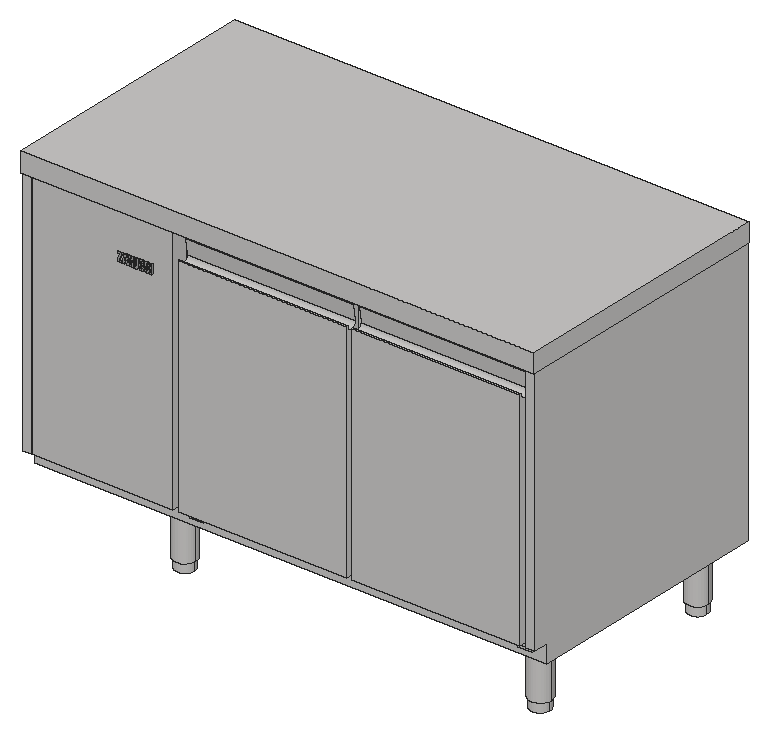
Revit family "QF_ZANUSSI_111067_ZH2KBAA", category Specialty Equipment, Revit 2018 (continued)
Definition of nested family "ZAN_Cooling Unit"
  Lines and regions (mm)
    Split face 130
      outline origin (110.032, 2, -113.091) x (0, 0, 1) y (-1, 0, 0)
        loop
          line (510.649, 116.535) -> (510.649, 158.547)
    Split face 131
      outline origin (110.032, 2, -125.094) x (0, 0, 1) y (-1, 0, 0)
        loop
          arc (510.649, 158.547) -> (506.648, 162.548) -> (502.647, 158.547) r 4.001
          line (502.647, 158.547) -> (502.647, 116.535)
          arc (502.647, 116.535) -> (506.648, 112.533) -> (510.649, 116.535) r 4.001
          line (510.649, 116.535) -> (510.649, 158.547)
    Split face 132
      outline origin (110.032, 2, -137.098) x (0, 0, 1) y (-1, 0, 0)
        loop
          arc (510.649, 158.547) -> (506.648, 162.548) -> (502.647, 158.547) r 4.001
          line (502.647, 158.547) -> (502.647, 116.535)
          arc (502.647, 116.535) -> (506.648, 112.533) -> (510.649, 116.535) r 4.001
          line (510.649, 116.535) -> (510.649, 158.547)
    Split face 133
      outline origin (110.032, 2, -149.101) x (0, 0, 1) y (-1, 0, 0)
        loop
          arc (510.649, 158.547) -> (506.648, 162.548) -> (502.647, 158.547) r 4.001
          line (502.647, 158.547) -> (502.647, 116.535)
          arc (502.647, 116.535) -> (506.648, 112.533) -> (510.649, 116.535) r 4.001
          line (510.649, 116.535) -> (510.649, 158.547)
    Split face 134
      outline origin (110.032, 2, -161.105) x (0, 0, 1) y (-1, 0, 0)
        loop
          arc (510.649, 158.547) -> (506.648, 162.548) -> (502.647, 158.547) r 4.001
          line (502.647, 158.547) -> (502.647, 116.535)
          arc (502.647, 116.535) -> (506.648, 112.533) -> (510.649, 116.535) r 4.001
          line (510.649, 116.535) -> (510.649, 158.547)
    Split face 135
      outline origin (110.032, 2, -173.108) x (0, 0, 1) y (-1, 0, 0)
        loop
          arc (510.649, 158.547) -> (506.648, 162.548) -> (502.647, 158.547) r 4.001
          line (502.647, 158.547) -> (502.647, 116.535)
          arc (502.647, 116.535) -> (506.648, 112.533) -> (510.649, 116.535) r 4.001
          line (510.649, 116.535) -> (510.649, 158.547)
    Split face 136
      outline origin (110.032, 2, -185.112) x (0, 0, 1) y (-1, 0, 0)
        loop
          arc (510.649, 158.547) -> (506.648, 162.548) -> (502.647, 158.547) r 4.001
          line (502.647, 158.547) -> (502.647, 116.535)
          arc (502.647, 116.535) -> (506.648, 112.533) -> (510.649, 116.535) r 4.001
          line (510.649, 116.535) -> (510.649, 158.547)
    Split face 137
      outline origin (110.032, 2, -197.115) x (0, 0, 1) y (-1, 0, 0)
        loop
          arc (510.649, 158.547) -> (506.648, 162.548) -> (502.647, 158.547) r 4.001
          line (502.647, 158.547) -> (502.647, 116.535)
          arc (502.647, 116.535) -> (506.648, 112.533) -> (510.649, 116.535) r 4.001
          line (510.649, 116.535) -> (510.649, 158.547)
    Split face 138
      outline origin (110.032, 2, -209.119) x (0, 0, 1) y (-1, 0, 0)
        loop
          arc (510.649, 158.547) -> (506.648, 162.548) -> (502.647, 158.547) r 4.001
          line (502.647, 158.547) -> (502.647, 116.535)
          arc (502.647, 116.535) -> (506.648, 112.533) -> (510.649, 116.535) r 4.001
          line (510.649, 116.535) -> (510.649, 158.547)
    Split face 139
      outline origin (110.032, 2, -221.122) x (0, 0, 1) y (-1, 0, 0)
        loop
          arc (510.649, 158.547) -> (506.648, 162.548) -> (502.647, 158.547) r 4.001
          line (502.647, 158.547) -> (502.647, 116.535)
          arc (502.647, 116.535) -> (506.648, 112.533) -> (510.649, 116.535) r 4.001
          line (510.649, 116.535) -> (510.649, 158.547)
    Split face 140
      outline origin (110.032, 2, -233.126) x (0, 0, 1) y (-1, 0, 0)
        loop
          arc (510.649, 158.547) -> (506.648, 162.548) -> (502.647, 158.547) r 4.001
          line (502.647, 158.547) -> (502.647, 116.535)
          arc (502.647, 116.535) -> (506.648, 112.533) -> (510.649, 116.535) r 4.001
          line (510.649, 116.535) -> (510.649, 158.547)
    Split face 141
      outline origin (110.032, 2, -245.129) x (0, 0, 1) y (-1, 0, 0)
        loop
          arc (510.649, 158.547) -> (506.648, 162.548) -> (502.647, 158.547) r 4.001
          line (502.647, 158.547) -> (502.647, 116.535)
          arc (502.647, 116.535) -> (506.648, 112.533) -> (510.649, 116.535) r 4.001
          line (510.649, 116.535) -> (510.649, 158.547)
    Split face 142
      outline origin (110.032, 2, -257.133) x (0, 0, 1) y (-1, 0, 0)
        loop
          arc (510.649, 158.547) -> (506.648, 162.548) -> (502.647, 158.547) r 4.001
          line (502.647, 158.547) -> (502.647, 116.535)
          arc (502.647, 116.535) -> (506.648, 112.533) -> (510.649, 116.535) r 4.001
          line (510.649, 116.535) -> (510.649, 158.547)
    Split face 143
      outline origin (110.032, 2, -269.136) x (0, 0, 1) y (-1, 0, 0)
        loop
          arc (510.649, 158.547) -> (506.648, 162.548) -> (502.647, 158.547) r 4.001
          line (502.647, 158.547) -> (502.647, 116.535)
          arc (502.647, 116.535) -> (506.648, 112.533) -> (510.649, 116.535) r 4.001
          line (510.649, 116.535) -> (510.649, 158.547)
    Split face 144
      outline origin (110.032, 2, -281.14) x (0, 0, 1) y (-1, 0, 0)
        loop
          arc (510.649, 158.547) -> (506.648, 162.548) -> (502.647, 158.547) r 4.001
          line (502.647, 158.547) -> (502.647, 116.535)
          arc (502.647, 116.535) -> (506.648, 112.533) -> (510.649, 116.535) r 4.001
          line (510.649, 116.535) -> (510.649, 158.547)
    Split face 145
      outline origin (110.032, 2, -293.144) x (0, 0, 1) y (-1, 0, 0)
        loop
          arc (510.649, 158.547) -> (506.648, 162.548) -> (502.647, 158.547) r 4.001
          line (502.647, 158.547) -> (502.647, 116.535)
          arc (502.647, 116.535) -> (506.648, 112.533) -> (510.649, 116.535) r 4.001
          line (510.649, 116.535) -> (510.649, 158.547)
    Split face 146
      outline origin (165.048, 2, -113.091) x (0, 0, 1) y (-1, 0, 0)
        loop
          arc (510.649, 158.547) -> (506.648, 162.548) -> (502.647, 158.547) r 4.001
          line (502.647, 158.547) -> (502.647, 116.535)
          arc (502.647, 116.535) -> (506.648, 112.533) -> (510.649, 116.535) r 4.001
          line (510.649, 116.535) -> (510.649, 158.547)
    Split face 147
      outline origin (165.048, 2, -125.094) x (0, 0, 1) y (-1, 0, 0)
        loop
          arc (510.649, 158.547) -> (506.648, 162.548) -> (502.647, 158.547) r 4.001
          line (502.647, 158.547) -> (502.647, 116.535)
          arc (502.647, 116.535) -> (506.648, 112.533) -> (510.649, 116.535) r 4.001
          line (510.649, 116.535) -> (510.649, 158.547)
    Split face 148
      outline origin (165.048, 2, -137.098) x (0, 0, 1) y (-1, 0, 0)
        loop
          arc (510.649, 158.547) -> (506.648, 162.548) -> (502.647, 158.547) r 4.001
          line (502.647, 158.547) -> (502.647, 116.535)
          arc (502.647, 116.535) -> (506.648, 112.533) -> (510.649, 116.535) r 4.001
          line (510.649, 116.535) -> (510.649, 158.547)
    Split face 149
      outline origin (165.048, 2, -149.101) x (0, 0, 1) y (-1, 0, 0)
        loop
          arc (510.649, 158.547) -> (506.648, 162.548) -> (502.647, 158.547) r 4.001
          line (502.647, 158.547) -> (502.647, 116.535)
          arc (502.647, 116.535) -> (506.648, 112.533) -> (510.649, 116.535) r 4.001
          line (510.649, 116.535) -> (510.649, 158.547)
    Split face 150
      outline origin (165.048, 2, -161.105) x (0, 0, 1) y (-1, 0, 0)
        loop
          arc (510.649, 158.547) -> (506.648, 162.548) -> (502.647, 158.547) r 4.001
          line (502.647, 158.547) -> (502.647, 116.535)
          arc (502.647, 116.535) -> (506.648, 112.533) -> (510.649, 116.535) r 4.001
          line (510.649, 116.535) -> (510.649, 158.547)
    Split face 151
      outline origin (165.048, 2, -173.108) x (0, 0, 1) y (-1, 0, 0)
        loop
          arc (510.649, 158.547) -> (506.648, 162.548) -> (502.647, 158.547) r 4.001
          line (502.647, 158.547) -> (502.647, 116.535)
          arc (502.647, 116.535) -> (506.648, 112.533) -> (510.649, 116.535) r 4.001
          line (510.649, 116.535) -> (510.649, 158.547)
    Split face 152
      outline origin (165.048, 2, -185.112) x (0, 0, 1) y (-1, 0, 0)
        loop
          arc (510.649, 158.547) -> (506.648, 162.548) -> (502.647, 158.547) r 4.001
          line (502.647, 158.547) -> (502.647, 116.535)
          arc (502.647, 116.535) -> (506.648, 112.533) -> (510.649, 116.535) r 4.001
          line (510.649, 116.535) -> (510.649, 158.547)
    Split face 153
      outline origin (165.048, 2, -197.115) x (0, 0, 1) y (-1, 0, 0)
        loop
          arc (510.649, 158.547) -> (506.648, 162.548) -> (502.647, 158.547) r 4.001
          line (502.647, 158.547) -> (502.647, 116.535)
          arc (502.647, 116.535) -> (506.648, 112.533) -> (510.649, 116.535) r 4.001
          line (510.649, 116.535) -> (510.649, 158.547)
    Split face 154
      outline origin (165.048, 2, -209.119) x (0, 0, 1) y (-1, 0, 0)
        loop
          arc (510.649, 158.547) -> (506.648, 162.548) -> (502.647, 158.547) r 4.001
          line (502.647, 158.547) -> (502.647, 116.535)
          arc (502.647, 116.535) -> (506.648, 112.533) -> (510.649, 116.535) r 4.001
          line (510.649, 116.535) -> (510.649, 158.547)
    Split face 155
      outline origin (165.048, 2, -221.122) x (0, 0, 1) y (-1, 0, 0)
        loop
          arc (510.649, 158.547) -> (506.648, 162.548) -> (502.647, 158.547) r 4.001
          line (502.647, 158.547) -> (502.647, 116.535)
          arc (502.647, 116.535) -> (506.648, 112.533) -> (510.649, 116.535) r 4.001
          line (510.649, 116.535) -> (510.649, 158.547)
    Split face 156
      outline origin (165.048, 2, -233.126) x (0, 0, 1) y (-1, 0, 0)
        loop
          arc (510.649, 158.547) -> (506.648, 162.548) -> (502.647, 158.547) r 4.001
          line (502.647, 158.547) -> (502.647, 116.535)
          arc (502.647, 116.535) -> (506.648, 112.533) -> (510.649, 116.535) r 4.001
          line (510.649, 116.535) -> (510.649, 158.547)
    Split face 157
      outline origin (165.048, 2, -245.129) x (0, 0, 1) y (-1, 0, 0)
        loop
          arc (510.649, 158.547) -> (506.648, 162.548) -> (502.647, 158.547) r 4.001
          line (502.647, 158.547) -> (502.647, 116.535)
          arc (502.647, 116.535) -> (506.648, 112.533) -> (510.649, 116.535) r 4.001
          line (510.649, 116.535) -> (510.649, 158.547)
    Split face 158
      outline origin (165.048, 2, -257.133) x (0, 0, 1) y (-1, 0, 0)
        loop
          arc (510.649, 158.547) -> (506.648, 162.548) -> (502.647, 158.547) r 4.001
          line (502.647, 158.547) -> (502.647, 116.535)
          arc (502.647, 116.535) -> (506.648, 112.533) -> (510.649, 116.535) r 4.001
          line (510.649, 116.535) -> (510.649, 158.547)
    Split face 159
      outline origin (165.048, 2, -269.136) x (0, 0, 1) y (-1, 0, 0)
        loop
          arc (510.649, 158.547) -> (506.648, 162.548) -> (502.647, 158.547) r 4.001
          line (502.647, 158.547) -> (502.647, 116.535)
          arc (502.647, 116.535) -> (506.648, 112.533) -> (510.649, 116.535) r 4.001
          line (510.649, 116.535) -> (510.649, 158.547)
    Split face 160
      outline origin (165.048, 2, -281.14) x (0, 0, 1) y (-1, 0, 0)
        loop
          arc (510.649, 158.547) -> (506.648, 162.548) -> (502.647, 158.547) r 4.001
          line (502.647, 158.547) -> (502.647, 116.535)
          arc (502.647, 116.535) -> (506.648, 112.533) -> (510.649, 116.535) r 4.001
          line (510.649, 116.535) -> (510.649, 158.547)
    Split face 161
      outline origin (165.048, 2, -293.144) x (0, 0, 1) y (-1, 0, 0)
        loop
          arc (510.649, 158.547) -> (506.648, 162.548) -> (502.647, 158.547) r 4.001
          line (502.647, 158.547) -> (502.647, 116.535)
          arc (502.647, 116.535) -> (506.648, 112.533) -> (510.649, 116.535) r 4.001
          line (510.649, 116.535) -> (510.649, 158.547)
    Split face 162
      outline origin (220.064, 2, -113.091) x (0, 0, 1) y (-1, 0, 0)
        loop
          arc (510.649, 158.547) -> (506.648, 162.548) -> (502.647, 158.547) r 4.001
          line (502.647, 158.547) -> (502.647, 116.535)
          arc (502.647, 116.535) -> (506.648, 112.533) -> (510.649, 116.535) r 4.001
          line (510.649, 116.535) -> (510.649, 158.547)
    Split face 163
      outline origin (220.064, 2, -125.094) x (0, 0, 1) y (-1, 0, 0)
        loop
          arc (510.649, 158.547) -> (506.648, 162.548) -> (502.647, 158.547) r 4.001
          line (502.647, 158.547) -> (502.647, 116.535)
          arc (502.647, 116.535) -> (506.648, 112.533) -> (510.649, 116.535) r 4.001
          line (510.649, 116.535) -> (510.649, 158.547)
    Split face 164
      outline origin (220.064, 2, -137.098) x (0, 0, 1) y (-1, 0, 0)
        loop
          arc (510.649, 158.547) -> (506.648, 162.548) -> (502.647, 158.547) r 4.001
          line (502.647, 158.547) -> (502.647, 116.535)
          arc (502.647, 116.535) -> (506.648, 112.533) -> (510.649, 116.535) r 4.001
          line (510.649, 116.535) -> (510.649, 158.547)
    Split face 165
      outline origin (220.064, 2, -149.101) x (0, 0, 1) y (-1, 0, 0)
        loop
          arc (510.649, 158.547) -> (506.648, 162.548) -> (502.647, 158.547) r 4.001
          line (502.647, 158.547) -> (502.647, 116.535)
          arc (502.647, 116.535) -> (506.648, 112.533) -> (510.649, 116.535) r 4.001
          line (510.649, 116.535) -> (510.649, 158.547)
    Split face 166
      outline origin (220.064, 2, -161.105) x (0, 0, 1) y (-1, 0, 0)
        loop
          arc (510.649, 158.547) -> (506.648, 162.548) -> (502.647, 158.547) r 4.001
          line (502.647, 158.547) -> (502.647, 116.535)
          arc (502.647, 116.535) -> (506.648, 112.533) -> (510.649, 116.535) r 4.001
          line (510.649, 116.535) -> (510.649, 158.547)
    Split face 167
      outline origin (220.064, 2, -173.108) x (0, 0, 1) y (-1, 0, 0)
        loop
          arc (510.649, 158.547) -> (506.648, 162.548) -> (502.647, 158.547) r 4.001
          line (502.647, 158.547) -> (502.647, 116.535)
          arc (502.647, 116.535) -> (506.648, 112.533) -> (510.649, 116.535) r 4.001
          line (510.649, 116.535) -> (510.649, 158.547)
    Split face 168
      outline origin (220.064, 2, -185.112) x (0, 0, 1) y (-1, 0, 0)
        loop
          arc (510.649, 158.547) -> (506.648, 162.548) -> (502.647, 158.547) r 4.001
          line (502.647, 158.547) -> (502.647, 116.535)
          arc (502.647, 116.535) -> (506.648, 112.533) -> (510.649, 116.535) r 4.001
          line (510.649, 116.535) -> (510.649, 158.547)
    Split face 169
      outline origin (220.064, 2, -197.115) x (0, 0, 1) y (-1, 0, 0)
        loop
          arc (510.649, 158.547) -> (506.648, 162.548) -> (502.647, 158.547) r 4.001
          line (502.647, 158.547) -> (502.647, 116.535)
          arc (502.647, 116.535) -> (506.648, 112.533) -> (510.649, 116.535) r 4.001
          line (510.649, 116.535) -> (510.649, 158.547)
    Split face 170
      outline origin (220.064, 2, -209.119) x (0, 0, 1) y (-1, 0, 0)
        loop
          arc (510.649, 158.547) -> (506.648, 162.548) -> (502.647, 158.547) r 4.001
          line (502.647, 158.547) -> (502.647, 116.535)
          arc (502.647, 116.535) -> (506.648, 112.533) -> (510.649, 116.535) r 4.001
          line (510.649, 116.535) -> (510.649, 158.547)
    Split face 171
      outline origin (220.064, 2, -221.122) x (0, 0, 1) y (-1, 0, 0)
        loop
          arc (510.649, 158.547) -> (506.648, 162.548) -> (502.647, 158.547) r 4.001
          line (502.647, 158.547) -> (502.647, 116.535)
          arc (502.647, 116.535) -> (506.648, 112.533) -> (510.649, 116.535) r 4.001
          line (510.649, 116.535) -> (510.649, 158.547)
    Split face 172
      outline origin (220.064, 2, -233.126) x (0, 0, 1) y (-1, 0, 0)
        loop
          arc (510.649, 158.547) -> (506.648, 162.548) -> (502.647, 158.547) r 4.001
          line (502.647, 158.547) -> (502.647, 116.535)
          arc (502.647, 116.535) -> (506.648, 112.533) -> (510.649, 116.535) r 4.001
          line (510.649, 116.535) -> (510.649, 158.547)
    Split face 173
      outline origin (220.064, 2, -245.129) x (0, 0, 1) y (-1, 0, 0)
        loop
          arc (510.649, 158.547) -> (506.648, 162.548) -> (502.647, 158.547) r 4.001
          line (502.647, 158.547) -> (502.647, 116.535)
          arc (502.647, 116.535) -> (506.648, 112.533) -> (510.649, 116.535) r 4.001
          line (510.649, 116.535) -> (510.649, 158.547)
    Split face 174
      outline origin (220.064, 2, -257.133) x (0, 0, 1) y (-1, 0, 0)
        loop
          arc (510.649, 158.547) -> (506.648, 162.548) -> (502.647, 158.547) r 4.001
          line (502.647, 158.547) -> (502.647, 116.535)
          arc (502.647, 116.535) -> (506.648, 112.533) -> (510.649, 116.535) r 4.001
          line (510.649, 116.535) -> (510.649, 158.547)
    Split face 175
      outline origin (220.064, 2, -269.136) x (0, 0, 1) y (-1, 0, 0)
        loop
          arc (510.649, 158.547) -> (506.648, 162.548) -> (502.647, 158.547) r 4.001
          line (502.647, 158.547) -> (502.647, 116.535)
          arc (502.647, 116.535) -> (506.648, 112.533) -> (510.649, 116.535) r 4.001
          line (510.649, 116.535) -> (510.649, 158.547)
    Split face 176
      outline origin (220.064, 2, -281.14) x (0, 0, 1) y (-1, 0, 0)
        loop
          arc (510.649, 158.547) -> (506.648, 162.548) -> (502.647, 158.547) r 4.001
          line (502.647, 158.547) -> (502.647, 116.535)
          arc (502.647, 116.535) -> (506.648, 112.533) -> (510.649, 116.535) r 4.001
          line (510.649, 116.535) -> (510.649, 158.547)
    Split face 177
      outline origin (220.064, 2, -293.144) x (0, 0, 1) y (-1, 0, 0)
        loop
          arc (510.649, 158.547) -> (506.648, 162.548) -> (502.647, 158.547) r 4.001
          line (502.647, 158.547) -> (502.647, 116.535)
          arc (502.647, 116.535) -> (506.648, 112.533) -> (510.649, 116.535) r 4.001
          line (510.649, 116.535) -> (510.649, 158.547)
    Split face 178
      outline origin (275.081, 2, -113.091) x (0, 0, 1) y (-1, 0, 0)
        loop
          arc (510.649, 158.547) -> (506.648, 162.548) -> (502.647, 158.547) r 4.001
          line (502.647, 158.547) -> (502.647, 116.535)
          arc (502.647, 116.535) -> (506.648, 112.533) -> (510.649, 116.535) r 4.001
          line (510.649, 116.535) -> (510.649, 158.547)
    Split face 179
      outline origin (275.081, 2, -125.094) x (0, 0, 1) y (-1, 0, 0)
        loop
          arc (510.649, 158.547) -> (506.648, 162.548) -> (502.647, 158.547) r 4.001
          line (502.647, 158.547) -> (502.647, 116.535)
          arc (502.647, 116.535) -> (506.648, 112.533) -> (510.649, 116.535) r 4.001
          line (510.649, 116.535) -> (510.649, 158.547)
    Split face 180
      outline origin (275.081, 2, -137.098) x (0, 0, 1) y (-1, 0, 0)
        loop
          arc (510.649, 158.547) -> (506.648, 162.548) -> (502.647, 158.547) r 4.001
          line (502.647, 158.547) -> (502.647, 116.535)
          arc (502.647, 116.535) -> (506.648, 112.533) -> (510.649, 116.535) r 4.001
          line (510.649, 116.535) -> (510.649, 158.547)
    Split face 181
      outline origin (275.081, 2, -149.101) x (0, 0, 1) y (-1, 0, 0)
        loop
          arc (510.649, 158.547) -> (506.648, 162.548) -> (502.647, 158.547) r 4.001
          line (502.647, 158.547) -> (502.647, 116.535)
          arc (502.647, 116.535) -> (506.648, 112.533) -> (510.649, 116.535) r 4.001
          line (510.649, 116.535) -> (510.649, 158.547)
    Split face 182
      outline origin (275.081, 2, -161.105) x (0, 0, 1) y (-1, 0, 0)
        loop
          arc (510.649, 158.547) -> (506.648, 162.548) -> (502.647, 158.547) r 4.001
          line (502.647, 158.547) -> (502.647, 116.535)
          arc (502.647, 116.535) -> (506.648, 112.533) -> (510.649, 116.535) r 4.001
          line (510.649, 116.535) -> (510.649, 158.547)
    Split face 183
      outline origin (275.081, 2, -173.108) x (0, 0, 1) y (-1, 0, 0)
        loop
          arc (510.649, 158.547) -> (506.648, 162.548) -> (502.647, 158.547) r 4.001
          line (502.647, 158.547) -> (502.647, 116.535)
          arc (502.647, 116.535) -> (506.648, 112.533) -> (510.649, 116.535) r 4.001
          line (510.649, 116.535) -> (510.649, 158.547)
    Split face 184
      outline origin (275.081, 2, -185.112) x (0, 0, 1) y (-1, 0, 0)
        loop
          arc (510.649, 158.547) -> (506.648, 162.548) -> (502.647, 158.547) r 4.001
          line (502.647, 158.547) -> (502.647, 116.535)
          arc (502.647, 116.535) -> (506.648, 112.533) -> (510.649, 116.535) r 4.001
          line (510.649, 116.535) -> (510.649, 158.547)
    Split face 185
      outline origin (275.081, 2, -197.115) x (0, 0, 1) y (-1, 0, 0)
        loop
          arc (510.649, 158.547) -> (506.648, 162.548) -> (502.647, 158.547) r 4.001
          line (502.647, 158.547) -> (502.647, 116.535)
          arc (502.647, 116.535) -> (506.648, 112.533) -> (510.649, 116.535) r 4.001
          line (510.649, 116.535) -> (510.649, 158.547)
    Split face 186
      outline origin (275.081, 2, -209.119) x (0, 0, 1) y (-1, 0, 0)
        loop
          arc (510.649, 158.547) -> (506.648, 162.548) -> (502.647, 158.547) r 4.001
          line (502.647, 158.547) -> (502.647, 116.535)
          arc (502.647, 116.535) -> (506.648, 112.533) -> (510.649, 116.535) r 4.001
          line (510.649, 116.535) -> (510.649, 158.547)
    Split face 187
      outline origin (275.081, 2, -221.122) x (0, 0, 1) y (-1, 0, 0)
        loop
          arc (510.649, 158.547) -> (506.648, 162.548) -> (502.647, 158.547) r 4.001
          line (502.647, 158.547) -> (502.647, 116.535)
          arc (502.647, 116.535) -> (506.648, 112.533) -> (510.649, 116.535) r 4.001
          line (510.649, 116.535) -> (510.649, 158.547)
    Split face 188
      outline origin (275.081, 2, -233.126) x (0, 0, 1) y (-1, 0, 0)
        loop
          arc (510.649, 158.547) -> (506.648, 162.548) -> (502.647, 158.547) r 4.001
          line (502.647, 158.547) -> (502.647, 116.535)
          arc (502.647, 116.535) -> (506.648, 112.533) -> (510.649, 116.535) r 4.001
          line (510.649, 116.535) -> (510.649, 158.547)
    Split face 189
      outline origin (275.081, 2, -245.129) x (0, 0, 1) y (-1, 0, 0)
        loop
          arc (510.649, 158.547) -> (506.648, 162.548) -> (502.647, 158.547) r 4.001
          line (502.647, 158.547) -> (502.647, 116.535)
          arc (502.647, 116.535) -> (506.648, 112.533) -> (510.649, 116.535) r 4.001
          line (510.649, 116.535) -> (510.649, 158.547)
    Split face 190
      outline origin (275.081, 2, -257.133) x (0, 0, 1) y (-1, 0, 0)
        loop
          arc (510.649, 158.547) -> (506.648, 162.548) -> (502.647, 158.547) r 4.001
          line (502.647, 158.547) -> (502.647, 116.535)
          arc (502.647, 116.535) -> (506.648, 112.533) -> (510.649, 116.535) r 4.001
          line (510.649, 116.535) -> (510.649, 158.547)
    Split face 191
      outline origin (275.081, 2, -269.136) x (0, 0, 1) y (-1, 0, 0)
        loop
          arc (510.649, 158.547) -> (506.648, 162.548) -> (502.647, 158.547) r 4.001
          line (502.647, 158.547) -> (502.647, 116.535)
          arc (502.647, 116.535) -> (506.648, 112.533) -> (510.649, 116.535) r 4.001
          line (510.649, 116.535) -> (510.649, 158.547)
    Split face 192
      outline origin (275.081, 2, -281.14) x (0, 0, 1) y (-1, 0, 0)
        loop
          arc (510.649, 158.547) -> (506.648, 162.548) -> (502.647, 158.547) r 4.001
          line (502.647, 158.547) -> (502.647, 116.535)
          arc (502.647, 116.535) -> (506.648, 112.533) -> (510.649, 116.535) r 4.001
          line (510.649, 116.535) -> (510.649, 158.547)
    Split face 193
      outline origin (275.081, 2, -293.144) x (0, 0, 1) y (-1, 0, 0)
        loop
          arc (510.649, 158.547) -> (506.648, 162.548) -> (502.647, 158.547) r 4.001
          line (502.647, 158.547) -> (502.647, 116.535)
          arc (502.647, 116.535) -> (506.648, 112.533) -> (510.649, 116.535) r 4.001
          line (510.649, 116.535) -> (510.649, 158.547)
    Split face 194
      outline origin (0, 2, 197) x (0, 0, 1) y (-1, 0, 0)
        loop
          spline (566.835, 20.381) -> (564.628, 19.058) -> (561.987, 18.027) -> (558.955, 17.386) -> (555.581, 17.244) -> (551.912, 17.703) -> (547.993, 18.863) -> (543.871, 20.83) -> (539.591, 23.706) -> (535.202, 27.594) -> (530.748, 32.597) -> (526.28, 38.824) -> (521.835, 46.362)
        loop
          spline (521.835, 58.392) -> (525.386, 49.242) -> (529.197, 41.481) -> (533.2, 35.023) -> (537.329, 29.786) -> (541.516, 25.684) -> (545.695, 22.634) -> (549.798, 20.552) -> (553.759, 19.355) -> (557.511, 18.958) -> (560.984, 19.275) -> (564.115, 20.227) -> (566.835, 21.726)
    Split face 195
      outline origin (0, 2, 197) x (0, 0, 1) y (-1, 0, 0)
        loop
          line (555.835, 149.5) -> (532.835, 149.5) -> (532.835, 94.5) -> (555.835, 94.5) -> (555.835, 149.5)
  Dimensions and locks
    aligned and locked: level to plane 2
  Nested families
    nested 1: "ZAN_Logo_S_Grey" at (85, 2, 741.213) x (1, 0, 0) z (0, -1, 0), visible <- "Show Logo", type "ZAN_Logo_S_Grey"
  Definition of nested family "ZAN_Logo_S_Grey"
    Parameters
      Default Elevation = 0 mm
    Reference planes
      plane 1 "Centro (Fronte/Retro)": y = 0
      plane 2: z = 0
      plane 3 "Centro (Sinistra/Destra)": x = 0
    Forms (mm)
      Extrusion 1, solid
        sketch origin (0, 0, 0) x (1, 0, 0) y (0, 1, 0)
          loop
            line (-1219.2, 1219.2) -> (-1219.2, -1219.2) -> (1219.2, -1219.2) -> (1219.2, 1219.2) -> (-1219.2, 1219.2)
        from 0 to -304.8
      Extrusion 2, solid
        sketch origin (17.793, -46.218, 0) x (-1, 0, 0) y (0, -1, 0)
          loop
            spline (-4.176, -58.079) -> (-3.496, -58.328) -> (-2.793, -58.512) -> (-2.075, -58.63) -> (-1.348, -58.682) -> (-0.619, -58.669) -> (0.106, -58.588) -> (0.818, -58.44) -> (1.512, -58.225) -> (2.18, -57.941) -> (2.817, -57.589) -> (3.414, -57.167) -> (3.966, -56.676)
            spline (3.966, -56.676) -> (4.293, -56.162) -> (4.575, -55.61) -> (4.81, -55.026) -> (5, -54.419) -> (5.146, -53.797) -> (5.247, -53.166) -> (5.304, -52.536) -> (5.318, -51.913) -> (5.288, -51.306) -> (5.217, -50.723) -> (5.103, -50.17) -> (4.949, -49.657)
            line (4.949, -49.657) -> (2.702, -46.428) -> (0.316, -44.323)
            spline (0.316, -44.323) -> (0.065, -44.115) -> (-0.195, -43.909) -> (-0.46, -43.704) -> (-0.729, -43.496) -> (-0.997, -43.282) -> (-1.263, -43.059) -> (-1.523, -42.825) -> (-1.774, -42.576) -> (-2.013, -42.309) -> (-2.238, -42.022) -> (-2.445, -41.712) -> (-2.632, -41.375)
            spline (-2.632, -41.375) -> (-2.666, -41.159) -> (-2.697, -40.934) -> (-2.722, -40.701) -> (-2.736, -40.465) -> (-2.736, -40.227) -> (-2.72, -39.989) -> (-2.682, -39.754) -> (-2.621, -39.524) -> (-2.533, -39.302) -> (-2.414, -39.091) -> (-2.261, -38.892) -> (-2.07, -38.708)
            line (-2.07, -38.708) -> (-0.245, -38.567)
            spline (-0.245, -38.567) -> (0.096, -38.8) -> (0.354, -39.074) -> (0.54, -39.381) -> (0.664, -39.716) -> (0.738, -40.073) -> (0.772, -40.445) -> (0.777, -40.825) -> (0.763, -41.208) -> (0.742, -41.588) -> (0.723, -41.957) -> (0.718, -42.309) -> (0.737, -42.638)
            line (0.737, -42.638) -> (5.65, -42.638)
            spline (5.65, -42.638) -> (5.708, -42.042) -> (5.741, -41.448) -> (5.747, -40.857) -> (5.723, -40.273) -> (5.668, -39.696) -> (5.58, -39.129) -> (5.457, -38.574) -> (5.297, -38.032) -> (5.098, -37.506) -> (4.857, -36.997) -> (4.574, -36.508) -> (4.247, -36.041)
            spline (4.247, -36.041) -> (3.844, -35.675) -> (3.409, -35.35) -> (2.946, -35.065) -> (2.458, -34.819) -> (1.949, -34.612) -> (1.421, -34.444) -> (0.88, -34.314) -> (0.326, -34.221) -> (-0.234, -34.165) -> (-0.8, -34.146) -> (-1.366, -34.163) -> (-1.93, -34.216)
            spline (-1.93, -34.216) -> (-2.526, -34.309) -> (-3.116, -34.448) -> (-3.695, -34.633) -> (-4.259, -34.861) -> (-4.801, -35.131) -> (-5.316, -35.444) -> (-5.799, -35.798) -> (-6.245, -36.191) -> (-6.648, -36.624) -> (-7.002, -37.095) -> (-7.303, -37.603) -> (-7.545, -38.146)
            spline (-7.545, -38.146) -> (-7.694, -38.815) -> (-7.792, -39.487) -> (-7.839, -40.158) -> (-7.836, -40.824) -> (-7.785, -41.482) -> (-7.685, -42.129) -> (-7.539, -42.762) -> (-7.347, -43.377) -> (-7.111, -43.97) -> (-6.83, -44.538) -> (-6.506, -45.078) -> (-6.141, -45.586)
            line (-6.141, -45.586) -> (-0.526, -50.64) -> (0.176, -51.482)
            spline (0.176, -51.482) -> (0.248, -51.66) -> (0.323, -51.843) -> (0.397, -52.03) -> (0.467, -52.22) -> (0.529, -52.412) -> (0.579, -52.605) -> (0.615, -52.798) -> (0.633, -52.989) -> (0.63, -53.179) -> (0.601, -53.366) -> (0.545, -53.55) -> (0.456, -53.728)
            spline (0.456, -53.728) -> (0.375, -53.892) -> (0.273, -54.034) -> (0.154, -54.155) -> (0.02, -54.258) -> (-0.126, -54.343) -> (-0.28, -54.412) -> (-0.441, -54.466) -> (-0.604, -54.508) -> (-0.767, -54.537) -> (-0.928, -54.556) -> (-1.082, -54.567) -> (-1.228, -54.57)
            line (-1.228, -54.57) -> (-2.632, -53.587) -> (-2.772, -50.64) -> (-7.405, -50.64)
            spline (-7.405, -50.64) -> (-7.41, -51.031) -> (-7.423, -51.432) -> (-7.44, -51.839) -> (-7.456, -52.251) -> (-7.469, -52.665) -> (-7.475, -53.079) -> (-7.468, -53.489) -> (-7.446, -53.894) -> (-7.404, -54.291) -> (-7.339, -54.679) -> (-7.247, -55.053) -> (-7.123, -55.412)
            spline (-7.123, -55.412) -> (-6.999, -55.693) -> (-6.837, -55.97) -> (-6.643, -56.244) -> (-6.422, -56.509) -> (-6.177, -56.765) -> (-5.913, -57.009) -> (-5.634, -57.238) -> (-5.346, -57.45) -> (-5.051, -57.643) -> (-4.755, -57.814) -> (-4.462, -57.96) -> (-4.176, -58.079)
          loop
            spline (-21.021, -55.552) -> (-20.633, -56.181) -> (-20.177, -56.736) -> (-19.661, -57.217) -> (-19.092, -57.627) -> (-18.478, -57.966) -> (-17.827, -58.237) -> (-17.147, -58.441) -> (-16.446, -58.578) -> (-15.73, -58.652) -> (-15.009, -58.662) -> (-14.29, -58.611) -> (-13.581, -58.5)
            spline (-13.581, -58.5) -> (-13.088, -58.407) -> (-12.595, -58.269) -> (-12.109, -58.088) -> (-11.636, -57.866) -> (-11.183, -57.605) -> (-10.756, -57.307) -> (-10.361, -56.974) -> (-10.004, -56.608) -> (-9.692, -56.211) -> (-9.431, -55.784) -> (-9.228, -55.33) -> (-9.089, -54.851)
            spline (-9.089, -54.851) -> (-8.873, -54.211) -> (-8.715, -53.559) -> (-8.615, -52.901) -> (-8.574, -52.241) -> (-8.592, -51.585) -> (-8.668, -50.938) -> (-8.802, -50.306) -> (-8.995, -49.693) -> (-9.247, -49.106) -> (-9.557, -48.55) -> (-9.925, -48.03) -> (-10.352, -47.551)
            line (-10.352, -47.551) -> (-15.546, -42.919) -> (-16.669, -41.234)
            spline (-16.669, -41.234) -> (-16.704, -41.021) -> (-16.735, -40.804) -> (-16.761, -40.583) -> (-16.778, -40.361) -> (-16.784, -40.139) -> (-16.774, -39.919) -> (-16.748, -39.701) -> (-16.7, -39.488) -> (-16.63, -39.28) -> (-16.533, -39.08) -> (-16.406, -38.889) -> (-16.248, -38.708)
            line (-16.248, -38.708) -> (-14.844, -38.427)
            spline (-14.844, -38.427) -> (-14.347, -38.545) -> (-13.969, -38.749) -> (-13.695, -39.028) -> (-13.508, -39.368) -> (-13.393, -39.757) -> (-13.335, -40.182) -> (-13.318, -40.63) -> (-13.326, -41.089) -> (-13.344, -41.546) -> (-13.356, -41.988) -> (-13.347, -42.403) -> (-13.3, -42.779)
            line (-13.3, -42.779) -> (-8.387, -42.638)
            spline (-8.387, -42.638) -> (-8.326, -42.034) -> (-8.288, -41.417) -> (-8.277, -40.794) -> (-8.299, -40.169) -> (-8.357, -39.548) -> (-8.457, -38.936) -> (-8.604, -38.339) -> (-8.803, -37.762) -> (-9.058, -37.21) -> (-9.375, -36.689) -> (-9.758, -36.204) -> (-10.212, -35.76)
            spline (-10.212, -35.76) -> (-10.793, -35.336) -> (-11.409, -34.976) -> (-12.054, -34.679) -> (-12.723, -34.445) -> (-13.409, -34.273) -> (-14.107, -34.163) -> (-14.811, -34.115) -> (-15.515, -34.127) -> (-16.213, -34.2) -> (-16.899, -34.333) -> (-17.568, -34.526) -> (-18.213, -34.777)
            spline (-18.213, -34.777) -> (-18.496, -34.897) -> (-18.783, -35.044) -> (-19.071, -35.216) -> (-19.357, -35.412) -> (-19.639, -35.629) -> (-19.915, -35.865) -> (-20.182, -36.119) -> (-20.438, -36.389) -> (-20.681, -36.672) -> (-20.907, -36.967) -> (-21.115, -37.272) -> (-21.301, -37.585)
            spline (-21.301, -37.585) -> (-21.55, -38.26) -> (-21.734, -38.948) -> (-21.854, -39.647) -> (-21.91, -40.351) -> (-21.901, -41.057) -> (-21.828, -41.761) -> (-21.69, -42.459) -> (-21.489, -43.148) -> (-21.222, -43.823) -> (-20.892, -44.48) -> (-20.497, -45.116) -> (-20.038, -45.726)
            line (-20.038, -45.726) -> (-14.142, -51.061) -> (-13.44, -52.886) -> (-14.002, -54.289) -> (-15.265, -54.57) -> (-16.669, -53.587) -> (-16.81, -50.78) -> (-21.582, -50.64)
            spline (-21.582, -50.64) -> (-21.558, -51.063) -> (-21.55, -51.491) -> (-21.554, -51.92) -> (-21.561, -52.35) -> (-21.567, -52.778) -> (-21.565, -53.201) -> (-21.547, -53.619) -> (-21.509, -54.029) -> (-21.444, -54.43) -> (-21.345, -54.818) -> (-21.206, -55.193) -> (-21.021, -55.552)
          loop
            line (-22.424, -34.216) -> (-27.337, -34.216) -> (-27.337, -58.22) -> (-22.424, -58.22) -> (-22.424, -34.216)
          loop
            line (14.213, -39.971) -> (14.213, -58.22) -> (19.126, -58.22) -> (19.126, -42.077) -> (18.845, -38.146) -> (18.424, -37.164) -> (17.442, -35.9) -> (16.459, -35.199) -> (14.494, -34.356) -> (13.511, -34.216) -> (11.265, -34.216) -> (10.142, -34.497) -> (8.458, -35.479) -> (6.493, -38.287) -> (6.352, -39.269) -> (6.352, -58.22) -> (11.265, -58.22) -> (11.265, -40.392) -> (11.827, -39.129) -> (13.371, -38.988) -> (14.213, -39.971)
          loop
            line (20.249, -58.22) -> (24.741, -58.22) -> (24.741, -42.919) -> (28.812, -58.22) -> (34.006, -58.22) -> (34.006, -34.216) -> (29.654, -34.216) -> (29.654, -50.078) -> (25.583, -34.216) -> (20.249, -34.216) -> (20.249, -58.22)
          loop
            line (50.149, -58.22) -> (62.361, -58.22) -> (62.361, -53.728) -> (55.904, -53.868) -> (62.923, -39.129) -> (62.923, -34.216) -> (50.149, -34.216) -> (50.149, -39.129) -> (57.517, -39.129) -> (50.149, -54.149) -> (50.149, -58.22)
          loop
            line (38.778, -58.22) -> (45.516, -58.22) -> (49.868, -34.216) -> (44.814, -34.216) -> (44.113, -38.848) -> (40.042, -38.848) -> (39.34, -34.216) -> (34.286, -34.216) -> (38.778, -58.22)
          loop
            line (43.551, -43.2) -> (40.744, -43.2) -> (42.147, -54.117) -> (43.551, -43.2)
        from 0 to 1.644
    Dimensions and locks
      aligned and locked: plane 2 to Extrusion 1
      aligned and locked: level to Extrusion 1
Definition of nested family "Freezer"
  Reference planes
    plane 1 "Center (Front/Back)": y = 0
    plane 2: z = 0
    plane 3 "Center (Left/Right)": x = 0
  Lines and regions (mm)
    detail lines, in view "Ref. Level"
      curve 1: spline (-500, 190, 0) -> (-493.185, 166.706, 0) -> (-473.205, 145, 0) -> (-441.421, 126.36, 0) -> (-400, 112.058, 0) -> (-351.764, 103.067, 0) -> (-300, 100, 0) -> (-248.236, 103.067, 0) -> (-200, 112.058, 0) -> (-158.579, 126.36, 0) -> (-126.795, 145, 0) -> (-106.815, 166.706, 0) -> (-100, 190, 0) -> (-106.815, 213.294, 0) -> (-126.795, 235, 0) -> (-158.579, 253.64, 0) -> (-200, 267.942, 0) -> (-248.236, 276.933, 0) -> (-300, 280, 0) -> (-351.764, 276.933, 0) -> (-400, 267.942, 0) -> (-441.421, 253.64, 0) -> (-473.205, 235, 0) -> (-493.185, 213.294, 0) -> (-500, 190, 0)
      curve 2: line (-220, 130, 0) -> (-220, 250, 0)
      curve 3: line (-271.962, 220, 0) -> (-168.038, 160, 0)
      curve 4: line (-271.962, 160, 0) -> (-168.038, 220, 0)
      curve 5: line (-200.884, 246.873, 0) -> (-220, 225, 0)
      curve 6: line (-220, 225, 0) -> (-239.116, 246.873, 0)
      curve 7: line (-250.311, 207.5, 0) -> (-260, 235.883, 0)
      curve 8: line (-279.736, 201.7, 0) -> (-250.311, 207.5, 0)
      curve 9: line (-250.311, 172.5, 0) -> (-279.736, 178.3, 0)
      curve 10: line (-260, 144.117, 0) -> (-250.311, 172.5, 0)
      curve 11: line (-220, 155, 0) -> (-239.116, 133.127, 0)
      curve 12: line (-200.884, 133.127, 0) -> (-220, 155, 0)
      curve 13: line (-189.689, 172.5, 0) -> (-180.304, 145.008, 0)
      curve 14: line (-161.188, 178.118, 0) -> (-189.689, 172.5, 0)
      curve 15: line (-189.689, 207.5, 0) -> (-161.188, 201.882, 0)
      curve 16: line (-180.304, 234.992, 0) -> (-189.689, 207.5, 0)
      curve 17: line (-380, 130, 0) -> (-380, 250, 0)
      curve 18: line (-431.962, 220, 0) -> (-328.038, 160, 0)
      curve 19: line (-431.962, 160, 0) -> (-328.038, 220, 0)
      curve 20: line (-360.884, 246.873, 0) -> (-380, 225, 0)
      curve 21: line (-380, 225, 0) -> (-399.116, 246.873, 0)
      curve 22: line (-410.311, 207.5, 0) -> (-419.696, 234.992, 0)
      curve 23: line (-438.812, 201.882, 0) -> (-410.311, 207.5, 0)
      curve 24: line (-410.311, 172.5, 0) -> (-438.812, 178.118, 0)
      curve 25: line (-419.696, 145.008, 0) -> (-410.311, 172.5, 0)
      curve 26: line (-380, 155, 0) -> (-399.116, 133.127, 0)
      curve 27: line (-360.884, 133.127, 0) -> (-380, 155, 0)
      curve 28: line (-349.689, 172.5, 0) -> (-340, 144.117, 0)
      curve 29: line (-320.264, 178.3, 0) -> (-349.689, 172.5, 0)
      curve 30: line (-349.689, 207.5, 0) -> (-320.264, 201.7, 0)
      curve 31: line (-340, 235.883, 0) -> (-349.689, 207.5, 0)
